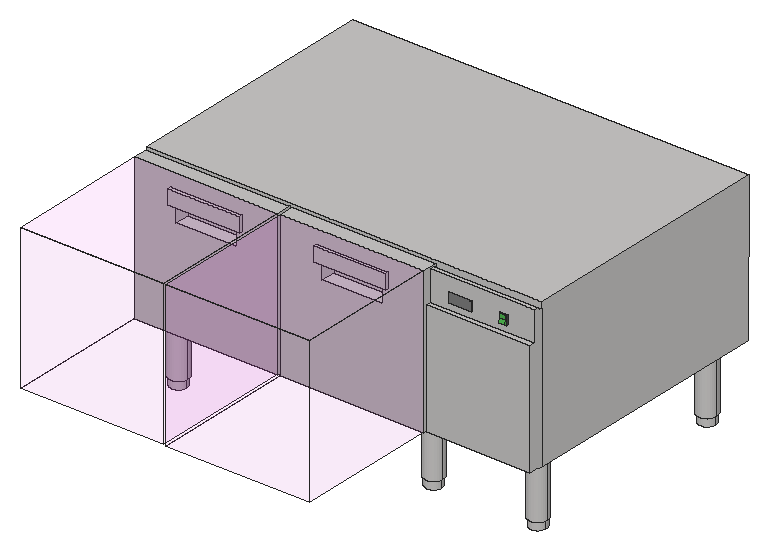
Revit family "QF_ELECTROLUXPROFESSIONAL_391602_E9TTAECOMIN", category Specialty Equipment, Revit 2021
Family settings
  Round Connector Dimension = Use Diameter
  Part Type = Normal
  Work Plane-Based = No
  Always vertical = Yes
  Cut with Voids When Loaded = No
  Shared = No
  Room Calculation Point = No
Parameters (values of type "Standard")
  Weight = 114.00 kg
  Watts = 4400 W
  Volts = 220 V
  URL Manufacturer = "http://professional.electrolux.com"
  URL = "http://professional.electrolux.com"
  Steam Supply Size = 0 mm
  Steam Supply Minimum Pressure = 0.0 Pa
  Steam Supply Maximum Pressure = 0.0 Pa
  Steam Pounds per Hour = 0
  Refrigeration Suction Line Size = 0 mm
  Refrigeration Liquid Line Size = 0 mm
  Refrigerant Compressor Remote = yes
  Default Elevation = 0 mm
  Manufacturer = "Electrolux Professional"
  Phase = 1
  Model = "E9TTAPCOMIN"
  Length Actual = 1200 mm  # constant formula
  Item Number = "391603"
  Hot Water Size = 0 mm
  Height Actual = 600 mm  # constant formula
  HP = "0.5 HP"
  Gas Size = 0 mm
  Gas KW = 0
  Gas Input Pressure = 0 W
  Description = "REFRIGERATED BASE WITH 2 DRAWERS 1200MM-60HZ - R290"
  Depth Actual = 830 mm  # constant formula
  Cycle = 60 Hz
  Condensate Return Size = 0 mm
  Compressed Air Volume = 0.0 L/s
  Compressed Air Size = 0 mm
  Compressed Air Pressure = 0.0 Pa
  Cold Water Size = 0 mm
  Accessory = yes
Reference planes
  plane 1 "Center X": y = 0
  plane 2: z = 0
  plane 3 "Centro (Sinistra/Destra)": x = 0
  plane 4: z = 200
  plane 5 "TOP": z = 650
  plane 6 "BACK": y = 450
  plane 7 "FRONT": y = -450
  plane 8 "LEFT": x = -600
  plane 9 "RIGHT": x = 600
  plane 10: y = -403
  plane 11: y = -448
  plane 12: x = -545
  plane 13: x = 545
  plane 14: x = 229
  plane 15: y = 292
  plane 16: y = -350
  plane 17: x = 286
  plane 18: x = -599
  plane 19: x = 599
  plane 20: y = 290
  plane 21: x = 560
  plane 22: y = 380
Forms (mm)
  Extrusion 1, solid, material "QF_Finishes_Stainless Steel"
    sketch origin (0, 0, 650) x (-1, 0, 0) y (0, -1, 0)
      loop
        line (599, -380) -> (599, 403) -> (-599, 403) -> (-599, -380) -> (599, -380)
    from -450 to 0
  Extrusion 2, solid, material "QF_Finishes_Stainless Steel"
    sketch origin (196, -342.999, 0) x (-1, 0, 0) y (0, 0, 1)
      loop
        line (795, 201.587) -> (795, 640.994) -> (360.999, 640.994) -> (360.999, 201.587) -> (795, 201.587)
      loop
        line (671.3, 506.706) -> (671.3, 585) -> (484.699, 585) -> (484.699, 506.706) -> (671.3, 506.706)
    from -105.001 to -60.001
  Extrusion 3, solid, material "QF_Door-Drawer Clearances"
    sketch origin (196, -448, 0) x (1, 0, 0) y (0, 0, 1)
      loop
        line (-795, 640.994) -> (-795, 201.587) -> (-360.999, 201.587) -> (-360.999, 640.994) -> (-795, 640.994)
    from 0 to 434
  Extrusion 4, solid, material "QF_Finishes_Stainless Steel"
    sketch origin (599, 66.551, 0) x (0, 1, 0) y (0, 0, 1)
      loop
        line (-469.551, 629.527) -> (-486.314, 640.994) -> (-497.65, 640.994) -> (-497.65, 549.796) -> (-514.551, 549.796) -> (-514.551, 204.796) -> (-484.714, 204.796) -> (-474.993, 200) -> (-469.551, 200) -> (-469.551, 629.527)
    from 0 to -313
  Extrusion 5, solid, material "QF_Finishes_Black"
    sketch origin (583, -431.099, 630.994) x (0, 0, -1) y (1, 0, 0)
      loop
        line (32.198, -86.899) -> (61.199, -86.899) -> (61.199, -64.9) -> (32.198, -64.9) -> (32.198, -86.899)
    from 0 to 1.6
  Extrusion 6, solid, material "QF_Finishes_Grey"
    sketch origin (589, -431.099, 630.994) x (0, 0, -1) y (1, 0, 0)
      loop
        line (32.198, -248.099) -> (61.199, -248.099) -> (61.199, -178.099) -> (32.198, -178.099) -> (32.198, -248.099)
    from 0 to 1.6
  Extrusion 7, solid, material "QF_Finishes_Green"
    sketch origin (518.1, -431.099, 598.796) x (0, 0, -1) y (0, 1, 0)
      loop
        line (2.279, -3.281) -> (14.5, -3.281) -> (25.308, -8.985)
        arc (25.308, -8.985) -> (26.537, -5.394) -> (26.605, -1.6) r 12.221
        line (26.605, -1.6) -> (2.395, -1.6)
        arc (2.395, -1.6) -> (2.308, -2.439) -> (2.279, -3.281) r 12.221
    from -20 to -2
  Extrusion 8, solid, material "QF_Door-Drawer Clearances"
    sketch origin (638.501, -342.999, 0) x (1, 0, 0) y (0, 0, 1)
      loop
        line (-795, 640.994) -> (-795, 201.587) -> (-360.999, 201.587) -> (-360.999, 640.994) -> (-795, 640.994)
    from 105.001 to 539.001
  Extrusion 9, solid, material "QF_Finishes_Stainless Steel"
    sketch origin (196, -448, 0) x (1, 0, 0) y (0, 0, 1)
      loop
        line (-686.3, 598.969) -> (-686.3, 553.969) -> (-469.699, 553.969) -> (-469.699, 598.969) -> (-686.3, 598.969)
    from 0 to 10
  Extrusion 10, solid, material "QF_Finishes_Stainless Steel"
    sketch origin (638.501, -342.999, 0) x (-1, 0, 0) y (0, 0, 1)
      loop
        line (795, 201.587) -> (795, 640.994) -> (360.999, 640.994) -> (360.999, 201.587) -> (795, 201.587)
      loop
        line (671.3, 506.706) -> (671.3, 585) -> (484.699, 585) -> (484.699, 506.706) -> (671.3, 506.706)
    from -105.001 to -60.001
  Extrusion 11, solid, material "QF_Finishes_Stainless Steel"
    sketch origin (638.501, -448, 0) x (1, 0, 0) y (0, 0, 1)
      loop
        line (-686.3, 598.969) -> (-686.3, 553.969) -> (-469.699, 553.969) -> (-469.699, 598.969) -> (-686.3, 598.969)
    from 0 to 10
  Extrusion 12, solid, material "QF_Finishes_Stainless Steel"
    sketch origin (0, -30, 0) x (1, 0, 0) y (0, 1, 0)
      loop
        circle (560, 290) r 6
    from 189.987 to 200
Lines and regions (mm)
  Split face 1
    outline origin (589, -432.699, 630.994) x (0, 0, -1) y (1, 0, 0)
      loop
        line (37.198, -238.099) -> (52.198, -238.099) -> (52.198, -188.099) -> (37.198, -188.099) -> (37.198, -238.099)
  Split face 2
    outline origin (589, -432.699, 630.994) x (0, 0, -1) y (1, 0, 0)
      loop
        circle (44.698, -185.099) r 1.2
  Split face 3
    outline origin (589, -432.699, 630.994) x (0, 0, -1) y (1, 0, 0)
      loop
        circle (39.698, -185.099) r 1.2
  Split face 4
    outline origin (589, -432.699, 630.994) x (0, 0, -1) y (1, 0, 0)
      loop
        circle (49.698, -185.099) r 1.2
  Split face 5
    outline origin (589, -432.699, 630.994) x (0, 0, -1) y (1, 0, 0)
      loop
        circle (39.698, -241.099) r 1.2
  Split face 6
    outline origin (589, -432.699, 630.994) x (0, 0, -1) y (1, 0, 0)
      loop
        circle (44.698, -241.099) r 1.2
  Split face 7
    outline origin (589, -432.699, 630.994) x (0, 0, -1) y (1, 0, 0)
      loop
        circle (49.698, -241.099) r 1.2
  Split face 8
    outline origin (589, -432.699, 630.994) x (0, 0, -1) y (1, 0, 0)
      loop
        line (59.151, -238.099) -> (59.151, -227.099) -> (54.151, -227.099) -> (54.151, -238.099) -> (59.151, -238.099)
  Split face 9
    outline origin (589, -432.699, 630.994) x (0, 0, -1) y (1, 0, 0)
      loop
        line (54.151, -225.099) -> (59.151, -225.099) -> (59.151, -214.099) -> (54.151, -214.099) -> (54.151, -225.099)
  Split face 10
    outline origin (602, -432.699, 630.994) x (0, 0, -1) y (1, 0, 0)
      loop
        line (54.151, -225.099) -> (59.151, -225.099) -> (59.151, -214.099) -> (54.151, -214.099) -> (54.151, -225.099)
  Split face 11
    outline origin (615, -432.699, 630.994) x (0, 0, -1) y (1, 0, 0)
      loop
        line (54.151, -225.099) -> (59.151, -225.099) -> (59.151, -214.099) -> (54.151, -214.099) -> (54.151, -225.099)
  Split face 12
    outline origin (601.5, -448, 549.796) x (0, 0, -1) y (1, 0, 0)
      loop
        arc (52.48, -282.599) -> (56.5, -278.61) -> (52.5, -274.599) r 4
        line (52.5, -274.599) -> (20.5, -274.599)
        arc (20.5, -274.599) -> (16.5, -278.61) -> (20.521, -282.599) r 4
        line (20.521, -282.599) -> (52.48, -282.599)
  Split face 13
    outline origin (613.5, -448, 549.796) x (0, 0, -1) y (1, 0, 0)
      loop
        arc (52.48, -282.599) -> (56.5, -278.61) -> (52.5, -274.599) r 4
        line (52.5, -274.599) -> (20.5, -274.599)
        arc (20.5, -274.599) -> (16.5, -278.61) -> (20.521, -282.599) r 4
        line (20.521, -282.599) -> (52.48, -282.599)
  Split face 14
    outline origin (625.5, -448, 549.796) x (0, 0, -1) y (1, 0, 0)
      loop
        arc (52.48, -282.599) -> (56.5, -278.61) -> (52.5, -274.599) r 4
        line (52.5, -274.599) -> (20.5, -274.599)
        arc (20.5, -274.599) -> (16.5, -278.61) -> (20.521, -282.599) r 4
        line (20.521, -282.599) -> (52.48, -282.599)
  Split face 15
    outline origin (637.397, -448, 549.796) x (0, 0, -1) y (1, 0, 0)
      loop
        arc (52.48, -282.599) -> (56.5, -278.61) -> (52.5, -274.599) r 4
        line (52.5, -274.599) -> (20.5, -274.599)
        arc (20.5, -274.599) -> (16.5, -278.61) -> (20.521, -282.599) r 4
        line (20.521, -282.599) -> (52.48, -282.599)
  Split face 16
    outline origin (649.396, -448, 549.796) x (0, 0, -1) y (1, 0, 0)
      loop
        arc (52.48, -282.599) -> (56.5, -278.61) -> (52.5, -274.599) r 4
        line (52.5, -274.599) -> (20.5, -274.599)
        arc (20.5, -274.599) -> (16.5, -278.61) -> (20.521, -282.599) r 4
        line (20.521, -282.599) -> (52.48, -282.599)
  Split face 17
    outline origin (661.396, -448, 549.796) x (0, 0, -1) y (1, 0, 0)
      loop
        arc (52.48, -282.599) -> (56.5, -278.61) -> (52.5, -274.599) r 4
        line (52.5, -274.599) -> (20.5, -274.599)
        arc (20.5, -274.599) -> (16.5, -278.61) -> (20.521, -282.599) r 4
        line (20.521, -282.599) -> (52.48, -282.599)
  Split face 18
    outline origin (673.396, -448, 549.796) x (0, 0, -1) y (1, 0, 0)
      loop
        arc (52.48, -282.599) -> (56.5, -278.61) -> (52.5, -274.599) r 4
        line (52.5, -274.599) -> (20.5, -274.599)
        arc (20.5, -274.599) -> (16.5, -278.61) -> (20.521, -282.599) r 4
        line (20.521, -282.599) -> (52.48, -282.599)
  Split face 19
    outline origin (685.397, -448, 549.796) x (0, 0, -1) y (1, 0, 0)
      loop
        arc (52.48, -282.599) -> (56.5, -278.61) -> (52.5, -274.599) r 4
        line (52.5, -274.599) -> (20.5, -274.599)
        arc (20.5, -274.599) -> (16.5, -278.61) -> (20.521, -282.599) r 4
        line (20.521, -282.599) -> (52.48, -282.599)
  Split face 20
    outline origin (697.396, -448, 549.796) x (0, 0, -1) y (1, 0, 0)
      loop
        arc (52.48, -282.599) -> (56.5, -278.61) -> (52.5, -274.599) r 4
        line (52.5, -274.599) -> (20.5, -274.599)
        arc (20.5, -274.599) -> (16.5, -278.61) -> (20.521, -282.599) r 4
        line (20.521, -282.599) -> (52.48, -282.599)
  Split face 21
    outline origin (704.396, -448, 549.796) x (0, 0, -1) y (1, 0, 0)
      loop
        arc (52.48, -242.399) -> (56.5, -238.41) -> (52.5, -234.4) r 4
        line (52.5, -234.4) -> (20.5, -234.4)
        arc (20.5, -234.4) -> (16.5, -238.41) -> (20.521, -242.399) r 4
        line (20.521, -242.399) -> (52.48, -242.399)
  Split face 22
    outline origin (716.396, -448, 549.796) x (0, 0, -1) y (1, 0, 0)
      loop
        arc (52.48, -242.399) -> (56.5, -238.41) -> (52.5, -234.4) r 4
        line (52.5, -234.4) -> (20.5, -234.4)
        arc (20.5, -234.4) -> (16.5, -238.41) -> (20.521, -242.399) r 4
        line (20.521, -242.399) -> (52.48, -242.399)
  Split face 23
    outline origin (728.396, -448, 549.796) x (0, 0, -1) y (1, 0, 0)
      loop
        arc (52.48, -242.399) -> (56.5, -238.41) -> (52.5, -234.4) r 4
        line (52.5, -234.4) -> (20.5, -234.4)
        arc (20.5, -234.4) -> (16.5, -238.41) -> (20.521, -242.399) r 4
        line (20.521, -242.399) -> (52.48, -242.399)
  Split face 24
    outline origin (740.396, -448, 549.796) x (0, 0, -1) y (1, 0, 0)
      loop
        arc (52.48, -242.399) -> (56.5, -238.41) -> (52.5, -234.4) r 4
        line (52.5, -234.4) -> (20.5, -234.4)
        arc (20.5, -234.4) -> (16.5, -238.41) -> (20.521, -242.399) r 4
        line (20.521, -242.399) -> (52.48, -242.399)
  Split face 25
    outline origin (752.396, -448, 549.796) x (0, 0, -1) y (1, 0, 0)
      loop
        arc (52.48, -242.399) -> (56.5, -238.41) -> (52.5, -234.4) r 4
        line (52.5, -234.4) -> (20.5, -234.4)
        arc (20.5, -234.4) -> (16.5, -238.41) -> (20.521, -242.399) r 4
        line (20.521, -242.399) -> (52.48, -242.399)
  Split face 26
    outline origin (764.396, -448, 549.796) x (0, 0, -1) y (1, 0, 0)
      loop
        arc (52.48, -242.399) -> (56.5, -238.41) -> (52.5, -234.4) r 4
        line (52.5, -234.4) -> (20.5, -234.4)
        arc (20.5, -234.4) -> (16.5, -238.41) -> (20.521, -242.399) r 4
        line (20.521, -242.399) -> (52.48, -242.399)
  Split face 27
    outline origin (776.396, -448, 549.796) x (0, 0, -1) y (1, 0, 0)
      loop
        arc (52.48, -242.399) -> (56.5, -238.41) -> (52.5, -234.4) r 4
        line (52.5, -234.4) -> (20.5, -234.4)
        arc (20.5, -234.4) -> (16.5, -238.41) -> (20.521, -242.399) r 4
        line (20.521, -242.399) -> (52.48, -242.399)
  Split face 28
    outline origin (788.396, -448, 549.796) x (0, 0, -1) y (1, 0, 0)
      loop
        arc (52.48, -242.399) -> (56.5, -238.41) -> (52.5, -234.4) r 4
        line (52.5, -234.4) -> (20.5, -234.4)
        arc (20.5, -234.4) -> (16.5, -238.41) -> (20.521, -242.399) r 4
        line (20.521, -242.399) -> (52.48, -242.399)
  Split face 29
    outline origin (800.396, -448, 549.796) x (0, 0, -1) y (1, 0, 0)
      loop
        arc (52.48, -242.399) -> (56.5, -238.41) -> (52.5, -234.4) r 4
        line (52.5, -234.4) -> (20.5, -234.4)
        arc (20.5, -234.4) -> (16.5, -238.41) -> (20.521, -242.399) r 4
        line (20.521, -242.399) -> (52.48, -242.399)
  Split face 30
    outline origin (812.396, -448, 549.796) x (0, 0, -1) y (1, 0, 0)
      loop
        arc (52.48, -242.399) -> (56.5, -238.41) -> (52.5, -234.4) r 4
        line (52.5, -234.4) -> (20.5, -234.4)
        arc (20.5, -234.4) -> (16.5, -238.41) -> (20.521, -242.399) r 4
        line (20.521, -242.399) -> (52.48, -242.399)
  Split face 31
    outline origin (589.5, -448, 549.796) x (0, 0, -1) y (1, 0, 0)
      loop
        arc (52.48, -282.599) -> (56.5, -278.61) -> (52.5, -274.599) r 4
        line (52.5, -274.599) -> (20.5, -274.599)
        arc (20.5, -274.599) -> (16.5, -278.61) -> (20.521, -282.599) r 4
        line (20.521, -282.599) -> (52.48, -282.599)
  Split face 32
    outline origin (601.5, -448, 504.794) x (0, 0, -1) y (1, 0, 0)
      loop
        arc (52.48, -282.599) -> (56.5, -278.61) -> (52.5, -274.599) r 4
        line (52.5, -274.599) -> (20.5, -274.599)
        arc (20.5, -274.599) -> (16.5, -278.61) -> (20.521, -282.599) r 4
        line (20.521, -282.599) -> (52.48, -282.599)
  Split face 33
    outline origin (613.5, -448, 504.794) x (0, 0, -1) y (1, 0, 0)
      loop
        arc (52.48, -282.599) -> (56.5, -278.61) -> (52.5, -274.599) r 4
        line (52.5, -274.599) -> (20.5, -274.599)
        arc (20.5, -274.599) -> (16.5, -278.61) -> (20.521, -282.599) r 4
        line (20.521, -282.599) -> (52.48, -282.599)
  Split face 34
    outline origin (625.5, -448, 504.794) x (0, 0, -1) y (1, 0, 0)
      loop
        arc (52.48, -282.599) -> (56.5, -278.61) -> (52.5, -274.599) r 4
        line (52.5, -274.599) -> (20.5, -274.599)
        arc (20.5, -274.599) -> (16.5, -278.61) -> (20.521, -282.599) r 4
        line (20.521, -282.599) -> (52.48, -282.599)
  Split face 35
    outline origin (637.397, -448, 504.794) x (0, 0, -1) y (1, 0, 0)
      loop
        arc (52.48, -282.599) -> (56.5, -278.61) -> (52.5, -274.599) r 4
        line (52.5, -274.599) -> (20.5, -274.599)
        arc (20.5, -274.599) -> (16.5, -278.61) -> (20.521, -282.599) r 4
        line (20.521, -282.599) -> (52.48, -282.599)
  Split face 36
    outline origin (649.396, -448, 504.794) x (0, 0, -1) y (1, 0, 0)
      loop
        arc (52.48, -282.599) -> (56.5, -278.61) -> (52.5, -274.599) r 4
        line (52.5, -274.599) -> (20.5, -274.599)
        arc (20.5, -274.599) -> (16.5, -278.61) -> (20.521, -282.599) r 4
        line (20.521, -282.599) -> (52.48, -282.599)
  Split face 37
    outline origin (661.396, -448, 504.794) x (0, 0, -1) y (1, 0, 0)
      loop
        arc (52.48, -282.599) -> (56.5, -278.61) -> (52.5, -274.599) r 4
        line (52.5, -274.599) -> (20.5, -274.599)
        arc (20.5, -274.599) -> (16.5, -278.61) -> (20.521, -282.599) r 4
        line (20.521, -282.599) -> (52.48, -282.599)
  Split face 38
    outline origin (673.396, -448, 504.794) x (0, 0, -1) y (1, 0, 0)
      loop
        arc (52.48, -282.599) -> (56.5, -278.61) -> (52.5, -274.599) r 4
        line (52.5, -274.599) -> (20.5, -274.599)
        arc (20.5, -274.599) -> (16.5, -278.61) -> (20.521, -282.599) r 4
        line (20.521, -282.599) -> (52.48, -282.599)
  Split face 39
    outline origin (685.397, -448, 504.794) x (0, 0, -1) y (1, 0, 0)
      loop
        arc (52.48, -282.599) -> (56.5, -278.61) -> (52.5, -274.599) r 4
        line (52.5, -274.599) -> (20.5, -274.599)
        arc (20.5, -274.599) -> (16.5, -278.61) -> (20.521, -282.599) r 4
        line (20.521, -282.599) -> (52.48, -282.599)
  Split face 40
    outline origin (697.396, -448, 504.794) x (0, 0, -1) y (1, 0, 0)
      loop
        arc (52.48, -282.599) -> (56.5, -278.61) -> (52.5, -274.599) r 4
        line (52.5, -274.599) -> (20.5, -274.599)
        arc (20.5, -274.599) -> (16.5, -278.61) -> (20.521, -282.599) r 4
        line (20.521, -282.599) -> (52.48, -282.599)
  Split face 41
    outline origin (704.396, -448, 504.794) x (0, 0, -1) y (1, 0, 0)
      loop
        arc (52.48, -242.399) -> (56.5, -238.41) -> (52.5, -234.4) r 4
        line (52.5, -234.4) -> (20.5, -234.4)
        arc (20.5, -234.4) -> (16.5, -238.41) -> (20.521, -242.399) r 4
        line (20.521, -242.399) -> (52.48, -242.399)
  Split face 42
    outline origin (716.396, -448, 504.794) x (0, 0, -1) y (1, 0, 0)
      loop
        arc (52.48, -242.399) -> (56.5, -238.41) -> (52.5, -234.4) r 4
        line (52.5, -234.4) -> (20.5, -234.4)
        arc (20.5, -234.4) -> (16.5, -238.41) -> (20.521, -242.399) r 4
        line (20.521, -242.399) -> (52.48, -242.399)
  Split face 43
    outline origin (728.396, -448, 504.794) x (0, 0, -1) y (1, 0, 0)
      loop
        arc (52.48, -242.399) -> (56.5, -238.41) -> (52.5, -234.4) r 4
        line (52.5, -234.4) -> (20.5, -234.4)
        arc (20.5, -234.4) -> (16.5, -238.41) -> (20.521, -242.399) r 4
        line (20.521, -242.399) -> (52.48, -242.399)
  Split face 44
    outline origin (740.396, -448, 504.794) x (0, 0, -1) y (1, 0, 0)
      loop
        arc (52.48, -242.399) -> (56.5, -238.41) -> (52.5, -234.4) r 4
        line (52.5, -234.4) -> (20.5, -234.4)
        arc (20.5, -234.4) -> (16.5, -238.41) -> (20.521, -242.399) r 4
        line (20.521, -242.399) -> (52.48, -242.399)
  Split face 45
    outline origin (752.396, -448, 504.794) x (0, 0, -1) y (1, 0, 0)
      loop
        arc (52.48, -242.399) -> (56.5, -238.41) -> (52.5, -234.4) r 4
        line (52.5, -234.4) -> (20.5, -234.4)
        arc (20.5, -234.4) -> (16.5, -238.41) -> (20.521, -242.399) r 4
        line (20.521, -242.399) -> (52.48, -242.399)
  Split face 46
    outline origin (764.396, -448, 504.794) x (0, 0, -1) y (1, 0, 0)
      loop
        arc (52.48, -242.399) -> (56.5, -238.41) -> (52.5, -234.4) r 4
        line (52.5, -234.4) -> (20.5, -234.4)
        arc (20.5, -234.4) -> (16.5, -238.41) -> (20.521, -242.399) r 4
        line (20.521, -242.399) -> (52.48, -242.399)
  Split face 47
    outline origin (776.396, -448, 504.794) x (0, 0, -1) y (1, 0, 0)
      loop
        arc (52.48, -242.399) -> (56.5, -238.41) -> (52.5, -234.4) r 4
        line (52.5, -234.4) -> (20.5, -234.4)
        arc (20.5, -234.4) -> (16.5, -238.41) -> (20.521, -242.399) r 4
        line (20.521, -242.399) -> (52.48, -242.399)
  Split face 48
    outline origin (788.396, -448, 504.794) x (0, 0, -1) y (1, 0, 0)
      loop
        arc (52.48, -242.399) -> (56.5, -238.41) -> (52.5, -234.4) r 4
        line (52.5, -234.4) -> (20.5, -234.4)
        arc (20.5, -234.4) -> (16.5, -238.41) -> (20.521, -242.399) r 4
        line (20.521, -242.399) -> (52.48, -242.399)
  Split face 49
    outline origin (800.396, -448, 504.794) x (0, 0, -1) y (1, 0, 0)
      loop
        arc (52.48, -242.399) -> (56.5, -238.41) -> (52.5, -234.4) r 4
        line (52.5, -234.4) -> (20.5, -234.4)
        arc (20.5, -234.4) -> (16.5, -238.41) -> (20.521, -242.399) r 4
        line (20.521, -242.399) -> (52.48, -242.399)
  Split face 50
    outline origin (812.396, -448, 504.794) x (0, 0, -1) y (1, 0, 0)
      loop
        arc (52.48, -242.399) -> (56.5, -238.41) -> (52.5, -234.4) r 4
        line (52.5, -234.4) -> (20.5, -234.4)
        arc (20.5, -234.4) -> (16.5, -238.41) -> (20.521, -242.399) r 4
        line (20.521, -242.399) -> (52.48, -242.399)
  Split face 51
    outline origin (589.5, -448, 504.794) x (0, 0, -1) y (1, 0, 0)
      loop
        arc (52.48, -282.599) -> (56.5, -278.61) -> (52.5, -274.599) r 4
        line (52.5, -274.599) -> (20.5, -274.599)
        arc (20.5, -274.599) -> (16.5, -278.61) -> (20.521, -282.599) r 4
        line (20.521, -282.599) -> (52.48, -282.599)
  Split face 52
    outline origin (601.5, -448, 459.794) x (0, 0, -1) y (1, 0, 0)
      loop
        arc (52.48, -282.599) -> (56.5, -278.61) -> (52.5, -274.599) r 4
        line (52.5, -274.599) -> (20.5, -274.599)
        arc (20.5, -274.599) -> (16.5, -278.61) -> (20.521, -282.599) r 4
        line (20.521, -282.599) -> (52.48, -282.599)
  Split face 53
    outline origin (613.5, -448, 459.794) x (0, 0, -1) y (1, 0, 0)
      loop
        arc (52.48, -282.599) -> (56.5, -278.61) -> (52.5, -274.599) r 4
        line (52.5, -274.599) -> (20.5, -274.599)
        arc (20.5, -274.599) -> (16.5, -278.61) -> (20.521, -282.599) r 4
        line (20.521, -282.599) -> (52.48, -282.599)
  Split face 54
    outline origin (625.5, -448, 459.794) x (0, 0, -1) y (1, 0, 0)
      loop
        arc (52.48, -282.599) -> (56.5, -278.61) -> (52.5, -274.599) r 4
        line (52.5, -274.599) -> (20.5, -274.599)
        arc (20.5, -274.599) -> (16.5, -278.61) -> (20.521, -282.599) r 4
        line (20.521, -282.599) -> (52.48, -282.599)
  Split face 55
    outline origin (637.397, -448, 459.794) x (0, 0, -1) y (1, 0, 0)
      loop
        arc (52.48, -282.599) -> (56.5, -278.61) -> (52.5, -274.599) r 4
        line (52.5, -274.599) -> (20.5, -274.599)
        arc (20.5, -274.599) -> (16.5, -278.61) -> (20.521, -282.599) r 4
        line (20.521, -282.599) -> (52.48, -282.599)
  Split face 56
    outline origin (649.396, -448, 459.794) x (0, 0, -1) y (1, 0, 0)
      loop
        arc (52.48, -282.599) -> (56.5, -278.61) -> (52.5, -274.599) r 4
        line (52.5, -274.599) -> (20.5, -274.599)
        arc (20.5, -274.599) -> (16.5, -278.61) -> (20.521, -282.599) r 4
        line (20.521, -282.599) -> (52.48, -282.599)
  Split face 57
    outline origin (661.396, -448, 459.794) x (0, 0, -1) y (1, 0, 0)
      loop
        arc (52.48, -282.599) -> (56.5, -278.61) -> (52.5, -274.599) r 4
        line (52.5, -274.599) -> (20.5, -274.599)
        arc (20.5, -274.599) -> (16.5, -278.61) -> (20.521, -282.599) r 4
        line (20.521, -282.599) -> (52.48, -282.599)
  Split face 58
    outline origin (673.396, -448, 459.794) x (0, 0, -1) y (1, 0, 0)
      loop
        arc (52.48, -282.599) -> (56.5, -278.61) -> (52.5, -274.599) r 4
        line (52.5, -274.599) -> (20.5, -274.599)
        arc (20.5, -274.599) -> (16.5, -278.61) -> (20.521, -282.599) r 4
        line (20.521, -282.599) -> (52.48, -282.599)
  Split face 59
    outline origin (685.397, -448, 459.794) x (0, 0, -1) y (1, 0, 0)
      loop
        arc (52.48, -282.599) -> (56.5, -278.61) -> (52.5, -274.599) r 4
        line (52.5, -274.599) -> (20.5, -274.599)
        arc (20.5, -274.599) -> (16.5, -278.61) -> (20.521, -282.599) r 4
        line (20.521, -282.599) -> (52.48, -282.599)
  Split face 60
    outline origin (697.396, -448, 459.794) x (0, 0, -1) y (1, 0, 0)
      loop
        arc (52.48, -282.599) -> (56.5, -278.61) -> (52.5, -274.599) r 4
        line (52.5, -274.599) -> (20.5, -274.599)
        arc (20.5, -274.599) -> (16.5, -278.61) -> (20.521, -282.599) r 4
        line (20.521, -282.599) -> (52.48, -282.599)
  Split face 61
    outline origin (704.396, -448, 459.794) x (0, 0, -1) y (1, 0, 0)
      loop
        arc (52.48, -242.399) -> (56.5, -238.41) -> (52.5, -234.4) r 4
        line (52.5, -234.4) -> (20.5, -234.4)
        arc (20.5, -234.4) -> (16.5, -238.41) -> (20.521, -242.399) r 4
        line (20.521, -242.399) -> (52.48, -242.399)
  Split face 62
    outline origin (716.396, -448, 459.794) x (0, 0, -1) y (1, 0, 0)
      loop
        arc (52.48, -242.399) -> (56.5, -238.41) -> (52.5, -234.4) r 4
        line (52.5, -234.4) -> (20.5, -234.4)
        arc (20.5, -234.4) -> (16.5, -238.41) -> (20.521, -242.399) r 4
        line (20.521, -242.399) -> (52.48, -242.399)
  Split face 63
    outline origin (728.396, -448, 459.794) x (0, 0, -1) y (1, 0, 0)
      loop
        arc (52.48, -242.399) -> (56.5, -238.41) -> (52.5, -234.4) r 4
        line (52.5, -234.4) -> (20.5, -234.4)
        arc (20.5, -234.4) -> (16.5, -238.41) -> (20.521, -242.399) r 4
        line (20.521, -242.399) -> (52.48, -242.399)
  Split face 64
    outline origin (740.396, -448, 459.794) x (0, 0, -1) y (1, 0, 0)
      loop
        arc (52.48, -242.399) -> (56.5, -238.41) -> (52.5, -234.4) r 4
        line (52.5, -234.4) -> (20.5, -234.4)
        arc (20.5, -234.4) -> (16.5, -238.41) -> (20.521, -242.399) r 4
        line (20.521, -242.399) -> (52.48, -242.399)
  Split face 65
    outline origin (752.396, -448, 459.794) x (0, 0, -1) y (1, 0, 0)
      loop
        arc (52.48, -242.399) -> (56.5, -238.41) -> (52.5, -234.4) r 4
        line (52.5, -234.4) -> (20.5, -234.4)
        arc (20.5, -234.4) -> (16.5, -238.41) -> (20.521, -242.399) r 4
        line (20.521, -242.399) -> (52.48, -242.399)
  Split face 66
    outline origin (764.396, -448, 459.794) x (0, 0, -1) y (1, 0, 0)
      loop
        arc (52.48, -242.399) -> (56.5, -238.41) -> (52.5, -234.4) r 4
        line (52.5, -234.4) -> (20.5, -234.4)
        arc (20.5, -234.4) -> (16.5, -238.41) -> (20.521, -242.399) r 4
        line (20.521, -242.399) -> (52.48, -242.399)
  Split face 67
    outline origin (776.396, -448, 459.794) x (0, 0, -1) y (1, 0, 0)
      loop
        arc (52.48, -242.399) -> (56.5, -238.41) -> (52.5, -234.4) r 4
        line (52.5, -234.4) -> (20.5, -234.4)
        arc (20.5, -234.4) -> (16.5, -238.41) -> (20.521, -242.399) r 4
        line (20.521, -242.399) -> (52.48, -242.399)
  Split face 68
    outline origin (788.396, -448, 459.794) x (0, 0, -1) y (1, 0, 0)
      loop
        arc (52.48, -242.399) -> (56.5, -238.41) -> (52.5, -234.4) r 4
        line (52.5, -234.4) -> (20.5, -234.4)
        arc (20.5, -234.4) -> (16.5, -238.41) -> (20.521, -242.399) r 4
        line (20.521, -242.399) -> (52.48, -242.399)
  Split face 69
    outline origin (800.396, -448, 459.794) x (0, 0, -1) y (1, 0, 0)
      loop
        arc (52.48, -242.399) -> (56.5, -238.41) -> (52.5, -234.4) r 4
        line (52.5, -234.4) -> (20.5, -234.4)
        arc (20.5, -234.4) -> (16.5, -238.41) -> (20.521, -242.399) r 4
        line (20.521, -242.399) -> (52.48, -242.399)
  Split face 70
    outline origin (812.396, -448, 459.794) x (0, 0, -1) y (1, 0, 0)
      loop
        arc (52.48, -242.399) -> (56.5, -238.41) -> (52.5, -234.4) r 4
        line (52.5, -234.4) -> (20.5, -234.4)
        arc (20.5, -234.4) -> (16.5, -238.41) -> (20.521, -242.399) r 4
        line (20.521, -242.399) -> (52.48, -242.399)
  Split face 71
    outline origin (589.5, -448, 459.794) x (0, 0, -1) y (1, 0, 0)
      loop
        arc (52.48, -282.599) -> (56.5, -278.61) -> (52.5, -274.599) r 4
        line (52.5, -274.599) -> (20.5, -274.599)
        arc (20.5, -274.599) -> (16.5, -278.61) -> (20.521, -282.599) r 4
        line (20.521, -282.599) -> (52.48, -282.599)
  Split face 72
    outline origin (601.5, -448, 414.794) x (0, 0, -1) y (1, 0, 0)
      loop
        arc (52.48, -282.599) -> (56.5, -278.61) -> (52.5, -274.599) r 4
        line (52.5, -274.599) -> (20.5, -274.599)
        arc (20.5, -274.599) -> (16.5, -278.61) -> (20.521, -282.599) r 4
        line (20.521, -282.599) -> (52.48, -282.599)
  Split face 73
    outline origin (613.5, -448, 414.794) x (0, 0, -1) y (1, 0, 0)
      loop
        arc (52.48, -282.599) -> (56.5, -278.61) -> (52.5, -274.599) r 4
        line (52.5, -274.599) -> (20.5, -274.599)
        arc (20.5, -274.599) -> (16.5, -278.61) -> (20.521, -282.599) r 4
        line (20.521, -282.599) -> (52.48, -282.599)
  Split face 74
    outline origin (625.5, -448, 414.794) x (0, 0, -1) y (1, 0, 0)
      loop
        arc (52.48, -282.599) -> (56.5, -278.61) -> (52.5, -274.599) r 4
        line (52.5, -274.599) -> (20.5, -274.599)
        arc (20.5, -274.599) -> (16.5, -278.61) -> (20.521, -282.599) r 4
        line (20.521, -282.599) -> (52.48, -282.599)
  Split face 75
    outline origin (637.397, -448, 414.794) x (0, 0, -1) y (1, 0, 0)
      loop
        arc (52.48, -282.599) -> (56.5, -278.61) -> (52.5, -274.599) r 4
        line (52.5, -274.599) -> (20.5, -274.599)
        arc (20.5, -274.599) -> (16.5, -278.61) -> (20.521, -282.599) r 4
        line (20.521, -282.599) -> (52.48, -282.599)
  Split face 76
    outline origin (649.396, -448, 414.794) x (0, 0, -1) y (1, 0, 0)
      loop
        arc (52.48, -282.599) -> (56.5, -278.61) -> (52.5, -274.599) r 4
        line (52.5, -274.599) -> (20.5, -274.599)
        arc (20.5, -274.599) -> (16.5, -278.61) -> (20.521, -282.599) r 4
        line (20.521, -282.599) -> (52.48, -282.599)
  Split face 77
    outline origin (661.396, -448, 414.794) x (0, 0, -1) y (1, 0, 0)
      loop
        arc (52.48, -282.599) -> (56.5, -278.61) -> (52.5, -274.599) r 4
        line (52.5, -274.599) -> (20.5, -274.599)
        arc (20.5, -274.599) -> (16.5, -278.61) -> (20.521, -282.599) r 4
        line (20.521, -282.599) -> (52.48, -282.599)
  Split face 78
    outline origin (673.396, -448, 414.794) x (0, 0, -1) y (1, 0, 0)
      loop
        arc (52.48, -282.599) -> (56.5, -278.61) -> (52.5, -274.599) r 4
        line (52.5, -274.599) -> (20.5, -274.599)
        arc (20.5, -274.599) -> (16.5, -278.61) -> (20.521, -282.599) r 4
        line (20.521, -282.599) -> (52.48, -282.599)
  Split face 79
    outline origin (685.397, -448, 414.794) x (0, 0, -1) y (1, 0, 0)
      loop
        arc (52.48, -282.599) -> (56.5, -278.61) -> (52.5, -274.599) r 4
        line (52.5, -274.599) -> (20.5, -274.599)
        arc (20.5, -274.599) -> (16.5, -278.61) -> (20.521, -282.599) r 4
        line (20.521, -282.599) -> (52.48, -282.599)
  Split face 80
    outline origin (697.396, -448, 414.794) x (0, 0, -1) y (1, 0, 0)
      loop
        arc (52.48, -282.599) -> (56.5, -278.61) -> (52.5, -274.599) r 4
        line (52.5, -274.599) -> (20.5, -274.599)
        arc (20.5, -274.599) -> (16.5, -278.61) -> (20.521, -282.599) r 4
        line (20.521, -282.599) -> (52.48, -282.599)
  Split face 81
    outline origin (704.396, -448, 414.794) x (0, 0, -1) y (1, 0, 0)
      loop
        arc (52.48, -242.399) -> (56.5, -238.41) -> (52.5, -234.4) r 4
        line (52.5, -234.4) -> (20.5, -234.4)
        arc (20.5, -234.4) -> (16.5, -238.41) -> (20.521, -242.399) r 4
        line (20.521, -242.399) -> (52.48, -242.399)
  Split face 82
    outline origin (716.396, -448, 414.794) x (0, 0, -1) y (1, 0, 0)
      loop
        arc (52.48, -242.399) -> (56.5, -238.41) -> (52.5, -234.4) r 4
        line (52.5, -234.4) -> (20.5, -234.4)
        arc (20.5, -234.4) -> (16.5, -238.41) -> (20.521, -242.399) r 4
        line (20.521, -242.399) -> (52.48, -242.399)
  Split face 83
    outline origin (728.396, -448, 414.794) x (0, 0, -1) y (1, 0, 0)
      loop
        arc (52.48, -242.399) -> (56.5, -238.41) -> (52.5, -234.4) r 4
        line (52.5, -234.4) -> (20.5, -234.4)
        arc (20.5, -234.4) -> (16.5, -238.41) -> (20.521, -242.399) r 4
        line (20.521, -242.399) -> (52.48, -242.399)
  Split face 84
    outline origin (740.396, -448, 414.794) x (0, 0, -1) y (1, 0, 0)
      loop
        arc (52.48, -242.399) -> (56.5, -238.41) -> (52.5, -234.4) r 4
        line (52.5, -234.4) -> (20.5, -234.4)
        arc (20.5, -234.4) -> (16.5, -238.41) -> (20.521, -242.399) r 4
        line (20.521, -242.399) -> (52.48, -242.399)
  Split face 85
    outline origin (752.396, -448, 414.794) x (0, 0, -1) y (1, 0, 0)
      loop
        arc (52.48, -242.399) -> (56.5, -238.41) -> (52.5, -234.4) r 4
        line (52.5, -234.4) -> (20.5, -234.4)
        arc (20.5, -234.4) -> (16.5, -238.41) -> (20.521, -242.399) r 4
        line (20.521, -242.399) -> (52.48, -242.399)
  Split face 86
    outline origin (764.396, -448, 414.794) x (0, 0, -1) y (1, 0, 0)
      loop
        arc (52.48, -242.399) -> (56.5, -238.41) -> (52.5, -234.4) r 4
        line (52.5, -234.4) -> (20.5, -234.4)
        arc (20.5, -234.4) -> (16.5, -238.41) -> (20.521, -242.399) r 4
        line (20.521, -242.399) -> (52.48, -242.399)
  Split face 87
    outline origin (776.396, -448, 414.794) x (0, 0, -1) y (1, 0, 0)
      loop
        arc (52.48, -242.399) -> (56.5, -238.41) -> (52.5, -234.4) r 4
        line (52.5, -234.4) -> (20.5, -234.4)
        arc (20.5, -234.4) -> (16.5, -238.41) -> (20.521, -242.399) r 4
        line (20.521, -242.399) -> (52.48, -242.399)
  Split face 88
    outline origin (788.396, -448, 414.794) x (0, 0, -1) y (1, 0, 0)
      loop
        arc (52.48, -242.399) -> (56.5, -238.41) -> (52.5, -234.4) r 4
        line (52.5, -234.4) -> (20.5, -234.4)
        arc (20.5, -234.4) -> (16.5, -238.41) -> (20.521, -242.399) r 4
        line (20.521, -242.399) -> (52.48, -242.399)
  Split face 89
    outline origin (800.396, -448, 414.794) x (0, 0, -1) y (1, 0, 0)
      loop
        arc (52.48, -242.399) -> (56.5, -238.41) -> (52.5, -234.4) r 4
        line (52.5, -234.4) -> (20.5, -234.4)
        arc (20.5, -234.4) -> (16.5, -238.41) -> (20.521, -242.399) r 4
        line (20.521, -242.399) -> (52.48, -242.399)
  Split face 90
    outline origin (812.396, -448, 414.794) x (0, 0, -1) y (1, 0, 0)
      loop
        arc (52.48, -242.399) -> (56.5, -238.41) -> (52.5, -234.4) r 4
        line (52.5, -234.4) -> (20.5, -234.4)
        arc (20.5, -234.4) -> (16.5, -238.41) -> (20.521, -242.399) r 4
        line (20.521, -242.399) -> (52.48, -242.399)
  Split face 91
    outline origin (589.5, -448, 414.794) x (0, 0, -1) y (1, 0, 0)
      loop
        arc (52.48, -282.599) -> (56.5, -278.61) -> (52.5, -274.599) r 4
        line (52.5, -274.599) -> (20.5, -274.599)
        arc (20.5, -274.599) -> (16.5, -278.61) -> (20.521, -282.599) r 4
        line (20.521, -282.599) -> (52.48, -282.599)
  Split face 92
    outline origin (601.5, -448, 369.794) x (0, 0, -1) y (1, 0, 0)
      loop
        arc (52.48, -282.599) -> (56.5, -278.61) -> (52.5, -274.599) r 4
        line (52.5, -274.599) -> (20.5, -274.599)
        arc (20.5, -274.599) -> (16.5, -278.61) -> (20.521, -282.599) r 4
        line (20.521, -282.599) -> (52.48, -282.599)
  Split face 93
    outline origin (613.5, -448, 369.794) x (0, 0, -1) y (1, 0, 0)
      loop
        arc (52.48, -282.599) -> (56.5, -278.61) -> (52.5, -274.599) r 4
        line (52.5, -274.599) -> (20.5, -274.599)
        arc (20.5, -274.599) -> (16.5, -278.61) -> (20.521, -282.599) r 4
        line (20.521, -282.599) -> (52.48, -282.599)
  Split face 94
    outline origin (625.5, -448, 369.794) x (0, 0, -1) y (1, 0, 0)
      loop
        arc (52.48, -282.599) -> (56.5, -278.61) -> (52.5, -274.599) r 4
        line (52.5, -274.599) -> (20.5, -274.599)
        arc (20.5, -274.599) -> (16.5, -278.61) -> (20.521, -282.599) r 4
        line (20.521, -282.599) -> (52.48, -282.599)
  Split face 95
    outline origin (637.397, -448, 369.794) x (0, 0, -1) y (1, 0, 0)
      loop
        arc (52.48, -282.599) -> (56.5, -278.61) -> (52.5, -274.599) r 4
        line (52.5, -274.599) -> (20.5, -274.599)
        arc (20.5, -274.599) -> (16.5, -278.61) -> (20.521, -282.599) r 4
        line (20.521, -282.599) -> (52.48, -282.599)
  Split face 96
    outline origin (649.396, -448, 369.794) x (0, 0, -1) y (1, 0, 0)
      loop
        arc (52.48, -282.599) -> (56.5, -278.61) -> (52.5, -274.599) r 4
        line (52.5, -274.599) -> (20.5, -274.599)
        arc (20.5, -274.599) -> (16.5, -278.61) -> (20.521, -282.599) r 4
        line (20.521, -282.599) -> (52.48, -282.599)
  Split face 97
    outline origin (661.396, -448, 369.794) x (0, 0, -1) y (1, 0, 0)
      loop
        arc (52.48, -282.599) -> (56.5, -278.61) -> (52.5, -274.599) r 4
        line (52.5, -274.599) -> (20.5, -274.599)
        arc (20.5, -274.599) -> (16.5, -278.61) -> (20.521, -282.599) r 4
        line (20.521, -282.599) -> (52.48, -282.599)
  Split face 98
    outline origin (673.396, -448, 369.794) x (0, 0, -1) y (1, 0, 0)
      loop
        arc (52.48, -282.599) -> (56.5, -278.61) -> (52.5, -274.599) r 4
        line (52.5, -274.599) -> (20.5, -274.599)
        arc (20.5, -274.599) -> (16.5, -278.61) -> (20.521, -282.599) r 4
        line (20.521, -282.599) -> (52.48, -282.599)
  Split face 99
    outline origin (685.397, -448, 369.794) x (0, 0, -1) y (1, 0, 0)
      loop
        arc (52.48, -282.599) -> (56.5, -278.61) -> (52.5, -274.599) r 4
        line (52.5, -274.599) -> (20.5, -274.599)
        arc (20.5, -274.599) -> (16.5, -278.61) -> (20.521, -282.599) r 4
        line (20.521, -282.599) -> (52.48, -282.599)
  Split face 100
    outline origin (697.396, -448, 369.794) x (0, 0, -1) y (1, 0, 0)
      loop
        arc (52.48, -282.599) -> (56.5, -278.61) -> (52.5, -274.599) r 4
        line (52.5, -274.599) -> (20.5, -274.599)
        arc (20.5, -274.599) -> (16.5, -278.61) -> (20.521, -282.599) r 4
        line (20.521, -282.599) -> (52.48, -282.599)
  Split face 101
    outline origin (704.396, -448, 369.794) x (0, 0, -1) y (1, 0, 0)
      loop
        arc (52.48, -242.399) -> (56.5, -238.41) -> (52.5, -234.4) r 4
        line (52.5, -234.4) -> (20.5, -234.4)
        arc (20.5, -234.4) -> (16.5, -238.41) -> (20.521, -242.399) r 4
        line (20.521, -242.399) -> (52.48, -242.399)
  Split face 102
    outline origin (716.396, -448, 369.794) x (0, 0, -1) y (1, 0, 0)
      loop
        arc (52.48, -242.399) -> (56.5, -238.41) -> (52.5, -234.4) r 4
        line (52.5, -234.4) -> (20.5, -234.4)
        arc (20.5, -234.4) -> (16.5, -238.41) -> (20.521, -242.399) r 4
        line (20.521, -242.399) -> (52.48, -242.399)
  Split face 103
    outline origin (728.396, -448, 369.794) x (0, 0, -1) y (1, 0, 0)
      loop
        arc (52.48, -242.399) -> (56.5, -238.41) -> (52.5, -234.4) r 4
        line (52.5, -234.4) -> (20.5, -234.4)
        arc (20.5, -234.4) -> (16.5, -238.41) -> (20.521, -242.399) r 4
        line (20.521, -242.399) -> (52.48, -242.399)
  Split face 104
    outline origin (740.396, -448, 369.794) x (0, 0, -1) y (1, 0, 0)
      loop
        arc (52.48, -242.399) -> (56.5, -238.41) -> (52.5, -234.4) r 4
        line (52.5, -234.4) -> (20.5, -234.4)
        arc (20.5, -234.4) -> (16.5, -238.41) -> (20.521, -242.399) r 4
        line (20.521, -242.399) -> (52.48, -242.399)
  Split face 105
    outline origin (752.396, -448, 369.794) x (0, 0, -1) y (1, 0, 0)
      loop
        arc (52.48, -242.399) -> (56.5, -238.41) -> (52.5, -234.4) r 4
        line (52.5, -234.4) -> (20.5, -234.4)
        arc (20.5, -234.4) -> (16.5, -238.41) -> (20.521, -242.399) r 4
        line (20.521, -242.399) -> (52.48, -242.399)
  Split face 106
    outline origin (764.396, -448, 369.794) x (0, 0, -1) y (1, 0, 0)
      loop
        arc (52.48, -242.399) -> (56.5, -238.41) -> (52.5, -234.4) r 4
        line (52.5, -234.4) -> (20.5, -234.4)
        arc (20.5, -234.4) -> (16.5, -238.41) -> (20.521, -242.399) r 4
        line (20.521, -242.399) -> (52.48, -242.399)
  Split face 107
    outline origin (776.396, -448, 369.794) x (0, 0, -1) y (1, 0, 0)
      loop
        arc (52.48, -242.399) -> (56.5, -238.41) -> (52.5, -234.4) r 4
        line (52.5, -234.4) -> (20.5, -234.4)
        arc (20.5, -234.4) -> (16.5, -238.41) -> (20.521, -242.399) r 4
        line (20.521, -242.399) -> (52.48, -242.399)
  Split face 108
    outline origin (788.396, -448, 369.794) x (0, 0, -1) y (1, 0, 0)
      loop
        arc (52.48, -242.399) -> (56.5, -238.41) -> (52.5, -234.4) r 4
        line (52.5, -234.4) -> (20.5, -234.4)
        arc (20.5, -234.4) -> (16.5, -238.41) -> (20.521, -242.399) r 4
        line (20.521, -242.399) -> (52.48, -242.399)
  Split face 109
    outline origin (800.396, -448, 369.794) x (0, 0, -1) y (1, 0, 0)
      loop
        arc (52.48, -242.399) -> (56.5, -238.41) -> (52.5, -234.4) r 4
        line (52.5, -234.4) -> (20.5, -234.4)
        arc (20.5, -234.4) -> (16.5, -238.41) -> (20.521, -242.399) r 4
        line (20.521, -242.399) -> (52.48, -242.399)
  Split face 110
    outline origin (812.396, -448, 369.794) x (0, 0, -1) y (1, 0, 0)
      loop
        arc (52.48, -242.399) -> (56.5, -238.41) -> (52.5, -234.4) r 4
        line (52.5, -234.4) -> (20.5, -234.4)
        arc (20.5, -234.4) -> (16.5, -238.41) -> (20.521, -242.399) r 4
        line (20.521, -242.399) -> (52.48, -242.399)
  Split face 111
    outline origin (589.5, -448, 369.794) x (0, 0, -1) y (1, 0, 0)
      loop
        arc (52.48, -282.599) -> (56.5, -278.61) -> (52.5, -274.599) r 4
        line (52.5, -274.599) -> (20.5, -274.599)
        arc (20.5, -274.599) -> (16.5, -278.61) -> (20.521, -282.599) r 4
        line (20.521, -282.599) -> (52.48, -282.599)
  Split face 112
    outline origin (601.5, -448, 324.794) x (0, 0, -1) y (1, 0, 0)
      loop
        arc (52.48, -282.599) -> (56.5, -278.61) -> (52.5, -274.599) r 4
        line (52.5, -274.599) -> (20.5, -274.599)
        arc (20.5, -274.599) -> (16.5, -278.61) -> (20.521, -282.599) r 4
        line (20.521, -282.599) -> (52.48, -282.599)
  Split face 113
    outline origin (613.5, -448, 324.794) x (0, 0, -1) y (1, 0, 0)
      loop
        arc (52.48, -282.599) -> (56.5, -278.61) -> (52.5, -274.599) r 4
        line (52.5, -274.599) -> (20.5, -274.599)
        arc (20.5, -274.599) -> (16.5, -278.61) -> (20.521, -282.599) r 4
        line (20.521, -282.599) -> (52.48, -282.599)
  Split face 114
    outline origin (625.5, -448, 324.794) x (0, 0, -1) y (1, 0, 0)
      loop
        arc (52.48, -282.599) -> (56.5, -278.61) -> (52.5, -274.599) r 4
        line (52.5, -274.599) -> (20.5, -274.599)
        arc (20.5, -274.599) -> (16.5, -278.61) -> (20.521, -282.599) r 4
        line (20.521, -282.599) -> (52.48, -282.599)
  Split face 115
    outline origin (637.397, -448, 324.794) x (0, 0, -1) y (1, 0, 0)
      loop
        arc (52.48, -282.599) -> (56.5, -278.61) -> (52.5, -274.599) r 4
        line (52.5, -274.599) -> (20.5, -274.599)
        arc (20.5, -274.599) -> (16.5, -278.61) -> (20.521, -282.599) r 4
        line (20.521, -282.599) -> (52.48, -282.599)
  Split face 116
    outline origin (649.396, -448, 324.794) x (0, 0, -1) y (1, 0, 0)
      loop
        arc (52.48, -282.599) -> (56.5, -278.61) -> (52.5, -274.599) r 4
        line (52.5, -274.599) -> (20.5, -274.599)
        arc (20.5, -274.599) -> (16.5, -278.61) -> (20.521, -282.599) r 4
        line (20.521, -282.599) -> (52.48, -282.599)
  Split face 117
    outline origin (661.396, -448, 324.794) x (0, 0, -1) y (1, 0, 0)
      loop
        arc (52.48, -282.599) -> (56.5, -278.61) -> (52.5, -274.599) r 4
        line (52.5, -274.599) -> (20.5, -274.599)
        arc (20.5, -274.599) -> (16.5, -278.61) -> (20.521, -282.599) r 4
        line (20.521, -282.599) -> (52.48, -282.599)
  Split face 118
    outline origin (673.396, -448, 324.794) x (0, 0, -1) y (1, 0, 0)
      loop
        arc (52.48, -282.599) -> (56.5, -278.61) -> (52.5, -274.599) r 4
        line (52.5, -274.599) -> (20.5, -274.599)
        arc (20.5, -274.599) -> (16.5, -278.61) -> (20.521, -282.599) r 4
        line (20.521, -282.599) -> (52.48, -282.599)
  Split face 119
    outline origin (685.397, -448, 324.794) x (0, 0, -1) y (1, 0, 0)
      loop
        arc (52.48, -282.599) -> (56.5, -278.61) -> (52.5, -274.599) r 4
        line (52.5, -274.599) -> (20.5, -274.599)
        arc (20.5, -274.599) -> (16.5, -278.61) -> (20.521, -282.599) r 4
        line (20.521, -282.599) -> (52.48, -282.599)
  Split face 120
    outline origin (697.396, -448, 324.794) x (0, 0, -1) y (1, 0, 0)
      loop
        arc (52.48, -282.599) -> (56.5, -278.61) -> (52.5, -274.599) r 4
        line (52.5, -274.599) -> (20.5, -274.599)
        arc (20.5, -274.599) -> (16.5, -278.61) -> (20.521, -282.599) r 4
        line (20.521, -282.599) -> (52.48, -282.599)
  Split face 121
    outline origin (704.396, -448, 324.794) x (0, 0, -1) y (1, 0, 0)
      loop
        arc (52.48, -242.399) -> (56.5, -238.41) -> (52.5, -234.4) r 4
        line (52.5, -234.4) -> (20.5, -234.4)
        arc (20.5, -234.4) -> (16.5, -238.41) -> (20.521, -242.399) r 4
        line (20.521, -242.399) -> (52.48, -242.399)
  Split face 122
    outline origin (716.396, -448, 324.794) x (0, 0, -1) y (1, 0, 0)
      loop
        arc (52.48, -242.399) -> (56.5, -238.41) -> (52.5, -234.4) r 4
        line (52.5, -234.4) -> (20.5, -234.4)
        arc (20.5, -234.4) -> (16.5, -238.41) -> (20.521, -242.399) r 4
        line (20.521, -242.399) -> (52.48, -242.399)
  Split face 123
    outline origin (728.396, -448, 324.794) x (0, 0, -1) y (1, 0, 0)
      loop
        arc (52.48, -242.399) -> (56.5, -238.41) -> (52.5, -234.4) r 4
        line (52.5, -234.4) -> (20.5, -234.4)
        arc (20.5, -234.4) -> (16.5, -238.41) -> (20.521, -242.399) r 4
        line (20.521, -242.399) -> (52.48, -242.399)
  Split face 124
    outline origin (740.396, -448, 324.794) x (0, 0, -1) y (1, 0, 0)
      loop
        arc (52.48, -242.399) -> (56.5, -238.41) -> (52.5, -234.4) r 4
        line (52.5, -234.4) -> (20.5, -234.4)
        arc (20.5, -234.4) -> (16.5, -238.41) -> (20.521, -242.399) r 4
        line (20.521, -242.399) -> (52.48, -242.399)
  Split face 125
    outline origin (752.396, -448, 324.794) x (0, 0, -1) y (1, 0, 0)
      loop
        arc (52.48, -242.399) -> (56.5, -238.41) -> (52.5, -234.4) r 4
        line (52.5, -234.4) -> (20.5, -234.4)
        arc (20.5, -234.4) -> (16.5, -238.41) -> (20.521, -242.399) r 4
        line (20.521, -242.399) -> (52.48, -242.399)
  Split face 126
    outline origin (764.396, -448, 324.794) x (0, 0, -1) y (1, 0, 0)
      loop
        arc (52.48, -242.399) -> (56.5, -238.41) -> (52.5, -234.4) r 4
        line (52.5, -234.4) -> (20.5, -234.4)
        arc (20.5, -234.4) -> (16.5, -238.41) -> (20.521, -242.399) r 4
        line (20.521, -242.399) -> (52.48, -242.399)
  Split face 127
    outline origin (776.396, -448, 324.794) x (0, 0, -1) y (1, 0, 0)
      loop
        arc (52.48, -242.399) -> (56.5, -238.41) -> (52.5, -234.4) r 4
        line (52.5, -234.4) -> (20.5, -234.4)
        arc (20.5, -234.4) -> (16.5, -238.41) -> (20.521, -242.399) r 4
        line (20.521, -242.399) -> (52.48, -242.399)
  Split face 128
    outline origin (788.396, -448, 324.794) x (0, 0, -1) y (1, 0, 0)
      loop
        arc (52.48, -242.399) -> (56.5, -238.41) -> (52.5, -234.4) r 4
        line (52.5, -234.4) -> (20.5, -234.4)
        arc (20.5, -234.4) -> (16.5, -238.41) -> (20.521, -242.399) r 4
        line (20.521, -242.399) -> (52.48, -242.399)
  Split face 129
    outline origin (800.396, -448, 324.794) x (0, 0, -1) y (1, 0, 0)
      loop
        arc (52.48, -242.399) -> (56.5, -238.41) -> (52.5, -234.4) r 4
        line (52.5, -234.4) -> (20.5, -234.4)
        arc (20.5, -234.4) -> (16.5, -238.41) -> (20.521, -242.399) r 4
        line (20.521, -242.399) -> (52.48, -242.399)
  Split face 130
    outline origin (812.396, -448, 324.794) x (0, 0, -1) y (1, 0, 0)
      loop
        arc (52.48, -242.399) -> (56.5, -238.41) -> (52.5, -234.4) r 4
        line (52.5, -234.4) -> (20.5, -234.4)
        arc (20.5, -234.4) -> (16.5, -238.41) -> (20.521, -242.399) r 4
        line (20.521, -242.399) -> (52.48, -242.399)
  Split face 131
    outline origin (589.5, -448, 324.794) x (0, 0, -1) y (1, 0, 0)
      loop
        arc (52.48, -282.599) -> (56.5, -278.61) -> (52.5, -274.599) r 4
        line (52.5, -274.599) -> (20.5, -274.599)
        arc (20.5, -274.599) -> (16.5, -278.61) -> (20.521, -282.599) r 4
        line (20.521, -282.599) -> (52.48, -282.599)
  Split face 132
    outline origin (601.5, -448, 279.794) x (0, 0, -1) y (1, 0, 0)
      loop
        arc (52.48, -282.599) -> (56.5, -278.61) -> (52.5, -274.599) r 4
        line (52.5, -274.599) -> (20.5, -274.599)
        arc (20.5, -274.599) -> (16.5, -278.61) -> (20.521, -282.599) r 4
        line (20.521, -282.599) -> (52.48, -282.599)
  Split face 133
    outline origin (613.5, -448, 279.794) x (0, 0, -1) y (1, 0, 0)
      loop
        arc (52.48, -282.599) -> (56.5, -278.61) -> (52.5, -274.599) r 4
        line (52.5, -274.599) -> (20.5, -274.599)
        arc (20.5, -274.599) -> (16.5, -278.61) -> (20.521, -282.599) r 4
        line (20.521, -282.599) -> (52.48, -282.599)
  Split face 134
    outline origin (625.5, -448, 279.794) x (0, 0, -1) y (1, 0, 0)
      loop
        arc (52.48, -282.599) -> (56.5, -278.61) -> (52.5, -274.599) r 4
        line (52.5, -274.599) -> (20.5, -274.599)
        arc (20.5, -274.599) -> (16.5, -278.61) -> (20.521, -282.599) r 4
        line (20.521, -282.599) -> (52.48, -282.599)
  Split face 135
    outline origin (637.397, -448, 279.794) x (0, 0, -1) y (1, 0, 0)
      loop
        arc (52.48, -282.599) -> (56.5, -278.61) -> (52.5, -274.599) r 4
        line (52.5, -274.599) -> (20.5, -274.599)
        arc (20.5, -274.599) -> (16.5, -278.61) -> (20.521, -282.599) r 4
        line (20.521, -282.599) -> (52.48, -282.599)
  Split face 136
    outline origin (649.396, -448, 279.794) x (0, 0, -1) y (1, 0, 0)
      loop
        arc (52.48, -282.599) -> (56.5, -278.61) -> (52.5, -274.599) r 4
        line (52.5, -274.599) -> (20.5, -274.599)
        arc (20.5, -274.599) -> (16.5, -278.61) -> (20.521, -282.599) r 4
        line (20.521, -282.599) -> (52.48, -282.599)
  Split face 137
    outline origin (661.396, -448, 279.794) x (0, 0, -1) y (1, 0, 0)
      loop
        arc (52.48, -282.599) -> (56.5, -278.61) -> (52.5, -274.599) r 4
        line (52.5, -274.599) -> (20.5, -274.599)
        arc (20.5, -274.599) -> (16.5, -278.61) -> (20.521, -282.599) r 4
        line (20.521, -282.599) -> (52.48, -282.599)
  Split face 138
    outline origin (673.396, -448, 279.794) x (0, 0, -1) y (1, 0, 0)
      loop
        arc (52.48, -282.599) -> (56.5, -278.61) -> (52.5, -274.599) r 4
        line (52.5, -274.599) -> (20.5, -274.599)
        arc (20.5, -274.599) -> (16.5, -278.61) -> (20.521, -282.599) r 4
        line (20.521, -282.599) -> (52.48, -282.599)
  Split face 139
    outline origin (685.397, -448, 279.794) x (0, 0, -1) y (1, 0, 0)
      loop
        arc (52.48, -282.599) -> (56.5, -278.61) -> (52.5, -274.599) r 4
        line (52.5, -274.599) -> (20.5, -274.599)
        arc (20.5, -274.599) -> (16.5, -278.61) -> (20.521, -282.599) r 4
        line (20.521, -282.599) -> (52.48, -282.599)
  Split face 140
    outline origin (697.396, -448, 279.794) x (0, 0, -1) y (1, 0, 0)
      loop
        arc (52.48, -282.599) -> (56.5, -278.61) -> (52.5, -274.599) r 4
        line (52.5, -274.599) -> (20.5, -274.599)
        arc (20.5, -274.599) -> (16.5, -278.61) -> (20.521, -282.599) r 4
        line (20.521, -282.599) -> (52.48, -282.599)
  Split face 141
    outline origin (704.396, -448, 279.794) x (0, 0, -1) y (1, 0, 0)
      loop
        arc (52.48, -242.399) -> (56.5, -238.41) -> (52.5, -234.4) r 4
        line (52.5, -234.4) -> (20.5, -234.4)
        arc (20.5, -234.4) -> (16.5, -238.41) -> (20.521, -242.399) r 4
        line (20.521, -242.399) -> (52.48, -242.399)
  Split face 142
    outline origin (716.396, -448, 279.794) x (0, 0, -1) y (1, 0, 0)
      loop
        arc (52.48, -242.399) -> (56.5, -238.41) -> (52.5, -234.4) r 4
        line (52.5, -234.4) -> (20.5, -234.4)
        arc (20.5, -234.4) -> (16.5, -238.41) -> (20.521, -242.399) r 4
        line (20.521, -242.399) -> (52.48, -242.399)
  Split face 143
    outline origin (728.396, -448, 279.794) x (0, 0, -1) y (1, 0, 0)
      loop
        arc (52.48, -242.399) -> (56.5, -238.41) -> (52.5, -234.4) r 4
        line (52.5, -234.4) -> (20.5, -234.4)
        arc (20.5, -234.4) -> (16.5, -238.41) -> (20.521, -242.399) r 4
        line (20.521, -242.399) -> (52.48, -242.399)
  Split face 144
    outline origin (740.396, -448, 279.794) x (0, 0, -1) y (1, 0, 0)
      loop
        arc (52.48, -242.399) -> (56.5, -238.41) -> (52.5, -234.4) r 4
        line (52.5, -234.4) -> (20.5, -234.4)
        arc (20.5, -234.4) -> (16.5, -238.41) -> (20.521, -242.399) r 4
        line (20.521, -242.399) -> (52.48, -242.399)
  Split face 145
    outline origin (752.396, -448, 279.794) x (0, 0, -1) y (1, 0, 0)
      loop
        arc (52.48, -242.399) -> (56.5, -238.41) -> (52.5, -234.4) r 4
        line (52.5, -234.4) -> (20.5, -234.4)
        arc (20.5, -234.4) -> (16.5, -238.41) -> (20.521, -242.399) r 4
        line (20.521, -242.399) -> (52.48, -242.399)
  Split face 146
    outline origin (764.396, -448, 279.794) x (0, 0, -1) y (1, 0, 0)
      loop
        arc (52.48, -242.399) -> (56.5, -238.41) -> (52.5, -234.4) r 4
        line (52.5, -234.4) -> (20.5, -234.4)
        arc (20.5, -234.4) -> (16.5, -238.41) -> (20.521, -242.399) r 4
        line (20.521, -242.399) -> (52.48, -242.399)
  Split face 147
    outline origin (776.396, -448, 279.794) x (0, 0, -1) y (1, 0, 0)
      loop
        arc (52.48, -242.399) -> (56.5, -238.41) -> (52.5, -234.4) r 4
        line (52.5, -234.4) -> (20.5, -234.4)
        arc (20.5, -234.4) -> (16.5, -238.41) -> (20.521, -242.399) r 4
        line (20.521, -242.399) -> (52.48, -242.399)
  Split face 148
    outline origin (788.396, -448, 279.794) x (0, 0, -1) y (1, 0, 0)
      loop
        arc (52.48, -242.399) -> (56.5, -238.41) -> (52.5, -234.4) r 4
        line (52.5, -234.4) -> (20.5, -234.4)
        arc (20.5, -234.4) -> (16.5, -238.41) -> (20.521, -242.399) r 4
        line (20.521, -242.399) -> (52.48, -242.399)
  Split face 149
    outline origin (800.396, -448, 279.794) x (0, 0, -1) y (1, 0, 0)
      loop
        arc (52.48, -242.399) -> (56.5, -238.41) -> (52.5, -234.4) r 4
        line (52.5, -234.4) -> (20.5, -234.4)
        arc (20.5, -234.4) -> (16.5, -238.41) -> (20.521, -242.399) r 4
        line (20.521, -242.399) -> (52.48, -242.399)
  Split face 150
    outline origin (812.396, -448, 279.794) x (0, 0, -1) y (1, 0, 0)
      loop
        arc (52.48, -242.399) -> (56.5, -238.41) -> (52.5, -234.4) r 4
        line (52.5, -234.4) -> (20.5, -234.4)
        arc (20.5, -234.4) -> (16.5, -238.41) -> (20.521, -242.399) r 4
        line (20.521, -242.399) -> (52.48, -242.399)
  Split face 151
    outline origin (589.5, -448, 279.794) x (0, 0, -1) y (1, 0, 0)
      loop
        arc (52.48, -282.599) -> (56.5, -278.61) -> (52.5, -274.599) r 4
        line (52.5, -274.599) -> (20.5, -274.599)
        arc (20.5, -274.599) -> (16.5, -278.61) -> (20.521, -282.599) r 4
        line (20.521, -282.599) -> (52.48, -282.599)
  Split face 152
    outline origin (709.396, -448, 549.796) x (0, 0, -1) y (1, 0, 0)
      loop
        arc (52.48, -282.599) -> (56.5, -278.61) -> (52.5, -274.599) r 4
        line (52.5, -274.599) -> (20.5, -274.599)
        arc (20.5, -274.599) -> (16.5, -278.61) -> (20.521, -282.599) r 4
        line (20.521, -282.599) -> (52.48, -282.599)
  Split face 153
    outline origin (721.397, -448, 549.796) x (0, 0, -1) y (1, 0, 0)
      loop
        arc (52.48, -282.599) -> (56.5, -278.61) -> (52.5, -274.599) r 4
        line (52.5, -274.599) -> (20.5, -274.599)
        arc (20.5, -274.599) -> (16.5, -278.61) -> (20.521, -282.599) r 4
        line (20.521, -282.599) -> (52.48, -282.599)
  Split face 154
    outline origin (733.396, -448, 549.796) x (0, 0, -1) y (1, 0, 0)
      loop
        arc (52.48, -282.599) -> (56.5, -278.61) -> (52.5, -274.599) r 4
        line (52.5, -274.599) -> (20.5, -274.599)
        arc (20.5, -274.599) -> (16.5, -278.61) -> (20.521, -282.599) r 4
        line (20.521, -282.599) -> (52.48, -282.599)
  Split face 155
    outline origin (709.396, -448, 504.794) x (0, 0, -1) y (1, 0, 0)
      loop
        arc (52.48, -282.599) -> (56.5, -278.61) -> (52.5, -274.599) r 4
        line (52.5, -274.599) -> (20.5, -274.599)
        arc (20.5, -274.599) -> (16.5, -278.61) -> (20.521, -282.599) r 4
        line (20.521, -282.599) -> (52.48, -282.599)
